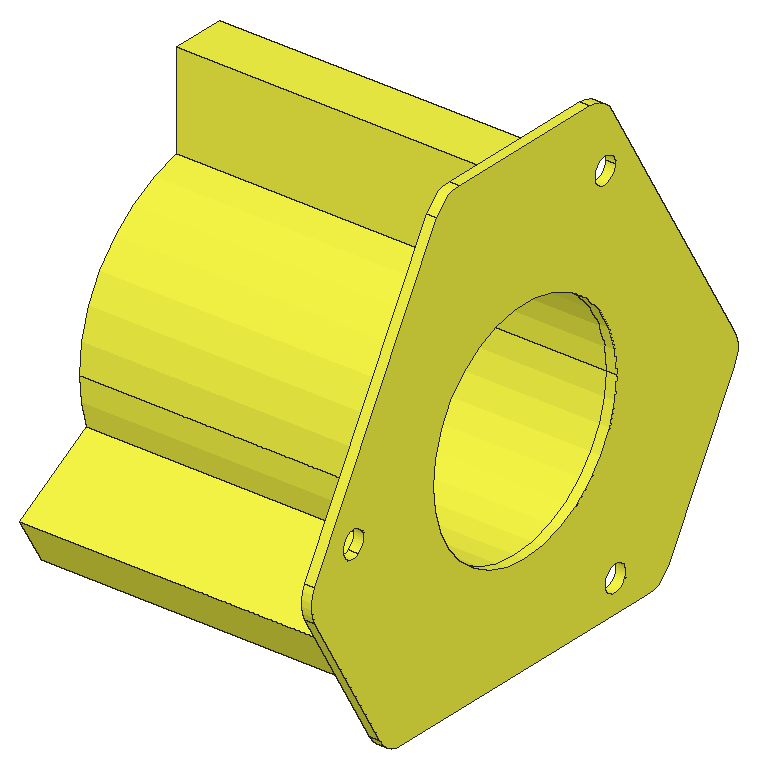
Revit family "MS70R", category Pipe Accessories, Revit 2021
Family settings
  Round Connector Dimension = Use Diameter
  Part Type = Breaks Into
  Work Plane-Based = No
  Always vertical = No
  Cut with Voids When Loaded = No
  Shared = No
Parameters
  URL = "https://www.snapcollars.com.au/"
  Model = "MS70R"
  Manufacturer = "Snap Fire Systems"
  Description = "The MS70R is a metal, retrofit fire collar for fire-rated plasterboard, concrete and masonry walls."
  Default Elevation = 0 mm
Reference planes
  plane 1 "Center (Front/Back)": y = 0
  plane 2: z = 0
  plane 3 "Center (Left/Right)": x = -114.129
  plane 4: x = -205
  plane 5: x = -188.636
  plane 6: x = -190
Forms (mm)
  Extrusion 1, solid, material "PVC-White", not visible, detail levels fine
    sketch origin (0, 0, 0) x (1, 0, 0) y (0, 0, 1)
      loop
        line (-80, 60.418) -> (-227.967, 86.048) -> (-227.967, 69.12) -> (-80, 60.418)
    from -1.5 to 1.5
  Extrusion 2, solid, material "PVC-White", not visible, detail levels fine
    sketch origin (0, 0, 0) x (1, 0, 0) y (0, -0.5, 0.866025)
      loop
        line (-80, 60.418) -> (-227.967, 86.048) -> (-227.967, 69.12) -> (-80, 60.418)
    from -1.5 to 1.5
  Extrusion 3, solid, material "PVC-White", not visible, detail levels fine
    sketch origin (0, 0, 0) x (1, 0, 0) y (0, -0.866025, 0.5)
      loop
        line (-80, 60.418) -> (-227.967, 86.048) -> (-227.967, 69.12) -> (-80, 60.418)
    from -1.5 to 1.5
  Extrusion 4, solid, material "PVC-White", not visible, detail levels fine
    sketch origin (0, 0, 0) x (0, -1, 0) y (-1, 0, 0)
      loop
        line (60.418, 80) -> (86.048, 227.967) -> (69.12, 227.967) -> (60.418, 80)
    from -1.5 to 1.5
  Extrusion 5, solid, material "PVC-White", not visible, detail levels fine
    sketch origin (0, 0, 0) x (1, 0, 0) y (0, -0.866025, -0.5)
      loop
        line (-80, 60.418) -> (-227.967, 86.048) -> (-227.967, 69.12) -> (-80, 60.418)
    from -1.5 to 1.5
  Extrusion 6, solid, material "PVC-White", not visible, detail levels fine
    sketch origin (0, 0, 0) x (1, 0, 0) y (0, -0.5, -0.866025)
      loop
        line (-80, 60.418) -> (-227.967, 86.048) -> (-227.967, 69.12) -> (-80, 60.418)
    from -1.5 to 1.5
  Extrusion 7, solid, material "PVC-White", not visible, detail levels fine
    sketch origin (0, 0, 0) x (1, 0, 0) y (0, 0, -1)
      loop
        line (-80, 60.418) -> (-227.967, 86.048) -> (-227.967, 69.12) -> (-80, 60.418)
    from -1.5 to 1.5
  Extrusion 8, solid, material "PVC-White", not visible, detail levels fine
    sketch origin (0, 0, 0) x (1, 0, 0) y (0, 0.5, -0.866025)
      loop
        line (-80, 60.418) -> (-227.967, 86.048) -> (-227.967, 69.12) -> (-80, 60.418)
    from -1.5 to 1.5
  Extrusion 9, solid, material "PVC-White", not visible, detail levels fine
    sketch origin (0, 0, 0) x (1, 0, 0) y (0, 0.866025, -0.5)
      loop
        line (-80, 60.418) -> (-227.967, 86.048) -> (-227.967, 69.12) -> (-80, 60.418)
    from -1.5 to 1.5
  Extrusion 10, solid, material "PVC-White", not visible, detail levels fine
    sketch origin (0, 0, 0) x (1, 0, 0) y (0, 1, 0)
      loop
        line (-80, 60.418) -> (-227.967, 86.048) -> (-227.967, 69.12) -> (-80, 60.418)
    from -1.5 to 1.5
  Extrusion 11, solid, material "PVC-White", not visible, detail levels fine
    sketch origin (0, 0, 0) x (1, 0, 0) y (0, 0.866025, 0.5)
      loop
        line (-80, 60.418) -> (-227.967, 86.048) -> (-227.967, 69.12) -> (-80, 60.418)
    from -1.5 to 1.5
  Extrusion 12, solid, material "PVC-White", not visible, detail levels fine
    sketch origin (0, 0, 0) x (1, 0, 0) y (0, 0.5, 0.866025)
      loop
        line (-80, 60.418) -> (-227.967, 86.048) -> (-227.967, 69.12) -> (-80, 60.418)
    from -1.5 to 1.5
  Extrusion 13, solid, material "PVC-Yellow"
    sketch origin (-205, 2000, 1200) x (0, 1, 0) y (0, 0, 1)
      loop
        circle (-2000, -1200) r 44.5
      loop
        circle (-2000, -1200) r 34.5
    from 0 to 95
  Extrusion 14, solid, not visible
    sketch origin (-230, 23.225, 34.758) x (0, -0.92388, 0.382683) y (1, 0, 0)
      loop
        line (16.311, 91) -> (0, 91) -> (0, 65) -> (16.311, 65) -> (16.311, 91)
    from 0 to 3
  Extrusion 15, solid, not visible
    sketch origin (-230, 24.373, 37.53) x (0, -0.92388, 0.382683) y (1, 0, 0)
      loop
        line (16.311, 91) -> (0, 91) -> (0, 88) -> (16.311, 88) -> (16.311, 91)
    from 0 to 21
  Extrusion 16, solid, not visible
    sketch origin (-230, 29.556, 29.418) x (0, -0.828512, 0.559971) y (1, 0, 0)
      loop
        line (16.311, 91) -> (0, 91) -> (0, 65) -> (16.311, 65) -> (16.311, 91)
    from 0 to 3
  Extrusion 17, solid, not visible
    sketch origin (-230, 31.236, 31.904) x (0, -0.828512, 0.559971) y (1, 0, 0)
      loop
        line (16.311, 91) -> (0, 91) -> (0, 88) -> (16.311, 88) -> (16.311, 91)
    from 0 to 21
  Extrusion 18, solid, not visible
    sketch origin (-230, -15.852, 38.571) x (0, -0.83464, -0.550797) y (1, 0, 0)
      loop
        line (16.311, 91) -> (0, 91) -> (0, 65) -> (16.311, 65) -> (16.311, 91)
    from 0 to 3
  Extrusion 19, solid, not visible
    sketch origin (-230, -17.504, 41.075) x (0, -0.83464, -0.550797) y (1, 0, 0)
      loop
        line (16.311, 91) -> (0, 91) -> (0, 88) -> (16.311, 88) -> (16.311, 91)
    from 0 to 21
  Extrusion 20, solid, not visible
    sketch origin (-230, 29.261, -29.712) x (0, 0.564361, 0.825528) y (1, 0, 0)
      loop
        line (16.311, 91) -> (0, 91) -> (0, 65) -> (16.311, 65) -> (16.311, 91)
    from 0 to 3
  Extrusion 21, solid, not visible
    sketch origin (-230, 31.738, -31.405) x (0, 0.564361, 0.825528) y (1, 0, 0)
      loop
        line (16.311, 91) -> (0, 91) -> (0, 88) -> (16.311, 88) -> (16.311, 91)
    from 0 to 21
  Extrusion 22, solid, not visible
    sketch origin (-230, -38.657, -15.64) x (0, 0.54621, -0.837649) y (1, 0, 0)
      loop
        line (16.311, 91) -> (0, 91) -> (0, 65) -> (16.311, 65) -> (16.311, 91)
    from 0 to 3
  Extrusion 23, solid, not visible
    sketch origin (-230, -41.17, -17.279) x (0, 0.54621, -0.837649) y (1, 0, 0)
      loop
        line (16.311, 91) -> (0, 91) -> (0, 88) -> (16.311, 88) -> (16.311, 91)
    from 0 to 21
  Extrusion 24, solid, material "PVC-Yellow"
    sketch origin (25, 0, 0) x (1, 0, 0) y (0, 0, 1)
      loop
        line (-135.006, 72.615) -> (-230, 72.615) -> (-230, 42.615) -> (-135.006, 42.615) -> (-135.006, 72.615)
    from -8 to 8
  Extrusion 25, solid, material "PVC-Yellow", not visible
    sketch origin (25, 0, 0) x (1, 0, 0) y (0, 0, 1)
      loop
        line (-135.006, 72.615) -> (-230, 72.615) -> (-230, 42.615) -> (-135.006, 42.615) -> (-135.006, 72.615)
    from -8 to 8
  Extrusion 26, solid, material "PVC-Yellow"
    sketch origin (25, 0, 0) x (1, 0, 0) y (0, -0.866025, -0.5)
      loop
        line (-135.006, 72.615) -> (-230, 72.615) -> (-230, 42.615) -> (-135.006, 42.615) -> (-135.006, 72.615)
    from -8 to 8
  Extrusion 27, solid, material "PVC-Yellow"
    sketch origin (25, 0, 0) x (1, 0, 0) y (0, 0.866025, -0.5)
      loop
        line (-135.006, 72.615) -> (-230, 72.615) -> (-230, 42.615) -> (-135.006, 42.615) -> (-135.006, 72.615)
    from -8 to 8
  Extrusion 28, solid, material "PVC-Yellow"
    sketch origin (-110, 2000, 1200) x (0, 1, 0) y (0, 0, 1)
      loop
        circle (-2000, -1200) r 34.5
      loop
        line (-2032.806, -1128.091) -> (-2078.678, -1207.544)
        arc (-2078.678, -1207.544) -> (-2079.989, -1212.384) -> (-2078.729, -1217.237) r 9.782
        line (-2078.729, -1217.237) -> (-2054.293, -1259.563)
        arc (-2054.293, -1259.563) -> (-2050.799, -1263.034) -> (-2046.056, -1264.364) r 9.782
        line (-2046.056, -1264.364) -> (-1953.944, -1264.364)
        arc (-1953.944, -1264.364) -> (-1949.157, -1263.008) -> (-1945.656, -1259.474) r 9.782
        line (-1945.656, -1259.474) -> (-1921.271, -1217.237)
        arc (-1921.271, -1217.237) -> (-1920.011, -1212.386) -> (-1921.32, -1207.547) r 9.782
        line (-1921.32, -1207.547) -> (-1967.194, -1128.091)
        arc (-1967.194, -1128.091) -> (-1970.731, -1124.536) -> (-1975.564, -1123.2) r 9.782
        line (-1975.564, -1123.2) -> (-2024.436, -1123.2)
        arc (-2024.436, -1123.2) -> (-2029.269, -1124.536) -> (-2032.806, -1128.091) r 9.782
      loop
        circle (-1969.782, -1143.169) r 4
      loop
        circle (-1965.892, -1254.585) r 4
      loop
        circle (-2064.326, -1202.246) r 4
    from 0 to 3
Cuts and joins
  joined: Extrusion 13, Extrusion 24, Extrusion 26, Extrusion 27, Extrusion 28
Lines and regions (mm)
  model lines
    curve 1: circle (-205, 0, 0) r 20 normal (1, 0, 0)
    curve 2: circle (-203.024, 0, 0) r 43 normal (1, 0, 0)
Dimensions and locks
  locked: plane 4 to plane 3 "Center (Left/Right)" at 90.871
  Extrusion 1 sketch curve to Extrusion 1 sketch curve = 0 mm
  Extrusion 2 sketch curve to Extrusion 2 sketch curve = 0 mm
  Extrusion 3 sketch curve to Extrusion 3 sketch curve = 0 mm
  Extrusion 4 sketch curve to Extrusion 4 sketch curve = 0 mm
  Extrusion 5 sketch curve to Extrusion 5 sketch curve = 0 mm
  Extrusion 6 sketch curve to Extrusion 6 sketch curve = 0 mm
  Extrusion 7 sketch curve to Extrusion 7 sketch curve = 0 mm
  Extrusion 8 sketch curve to Extrusion 8 sketch curve = 0 mm
  Extrusion 9 sketch curve to Extrusion 9 sketch curve = 0 mm
  Extrusion 10 sketch curve to Extrusion 10 sketch curve = 0 mm
  Extrusion 11 sketch curve to Extrusion 11 sketch curve = 0 mm
  Extrusion 12 sketch curve to Extrusion 12 sketch curve = 0 mm
  aligned and locked: level to plane 2
Connectors
  piping at (-190, 0, 0), diameter 69
    settings: on plane 6, index 4, connector inside diameter 609.6 mm, connector length 0 mm, flow factor 0, pipe flow 0.0 L/s, pressure drop 0.0 Pa, fitting loss kfactor 0, connector angle 0.00°, fixture units 0, engagement length 0 mm, angle of deflection 0.00°, flow configuration 0, flow direction 0, fitting loss method 0, system type 7, joint type 0, gender type 0, connector reference index -1, connector utility 0, adjustable connector no, is connector primary yes, connector description ""
  piping at (-188.636, 0, 0), diameter 69
    settings: on plane 5, index 5, connector inside diameter 609.6 mm, connector length 0 mm, flow factor 0, pipe flow 0.0 L/s, pressure drop 0.0 Pa, fitting loss kfactor 0, connector angle 0.00°, fixture units 0, engagement length 0 mm, angle of deflection 0.00°, flow configuration 0, flow direction 0, fitting loss method 0, system type 7, joint type 0, gender type 0, connector reference index -1, connector utility 0, adjustable connector no, is connector primary no, connector description ""
